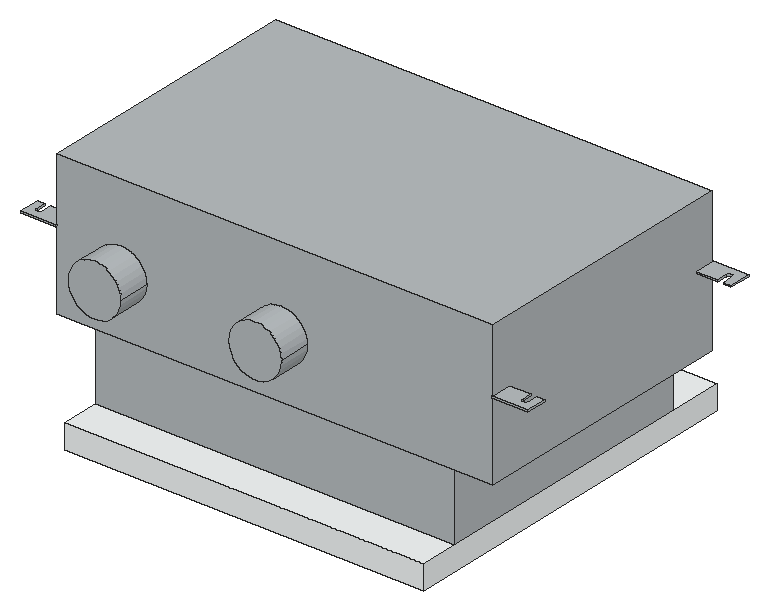
Revit family "lgh-n15_50cx2(d)_cs2(d)_60Hz", category 機械設備, Revit 2019
Family settings
  丸型コネクタ寸法 = 直径を使用
  パーツ タイプ = 標準
  OmniClass 番号 = 23.75.10.34.21
  OmniClass タイトル = Heat Exchangers for Ventilation Air
  作業面ベース = いいえ
  常に垂直 = はい
  ロード時にボイドで切り取り = いいえ
  共有 = いいえ
  部屋計算ポイント = はい
Parameters (values of type "LGH-N15CS2")
  騒音レベル(dB(A)) = 29
  風量 = 150.0 m³/h
  面風速 = 5.31 m/s
  電源種別 [instance] = "一般"
  電圧 = 100 V
  電動機出力 = 0 W
  集中コントローラ = ""
  運転質量 = 0.00 kg
  連動 [instance] = ""
  質量 = if(製品質量 > 運転質量, 製品質量, 運転質量) * 1.2  # 21.60 kg
  負荷分類 = 3_ファン類
  説明 = "業務用ロスナイ 天井カセット形"
  設計風量 = 0.0 m³/h
  設置方法 = "カセット形"
  記号 [instance] = ""
  製造元 = "MITSIBISHI ELECTRIC"
  製品質量 = 18.00 kg
  製品出荷対象 = "国内"
  製品リリース年月 = "2019/7/1"
  製品グループ = ""
  系統 [instance] = ""
  符号 = "HEU"
  積算_科目 = "1 空気調和設備"
  積算_拾い区分 [instance] = ""
  相 = 1
  盤記号 [instance] = ""
  発停方法 [instance] = "別売リモコン"
  特殊仕様 [instance] = ""
  火災停止 [instance] = ""
  温度交換効率 = 73.00%
  消費電力 = 80 W
  法定耐用年数 = "15"
  機外静圧_排気 = 80.0 Pa
  機外静圧 = 80.0 Pa
  構成部品 = "インテリアパネル"
  極数 = 1
  材質 [instance] = ""
  本体マテリアル = 溶融亜鉛めっき鋼板
  操作・制御方式 = ""
  操作・制御スイッチ = ""
  排気量 = 0.0 m³/h
  形式 = "カセット形"
  幹線記号 [instance] = ""
  対象室 [instance] = ""
  実風量 = 0.0 m³/h
  始動方式 [instance] = "直入"
  天吊金具ピッチ2 = 475 mm
  天吊金具ピッチ1 = 908 mm
  天吊金具_高さ = 118 mm
  天吊金具_径 = 5.5 mm
  天吊金具_幅 = 20 mm
  外気量 = 0.0 m³/h
  呼称 = "全熱交換ユニット"
  周波数 = 60 Hz
  参照している仕様書等のバージョン = ""
  初期抵抗 = 0.0 Pa
  分類コード = "50052504100080"
  分類グループ = ""
  価格 = 124000
  企業コード = "108420"
  付属品_フィルター_還気 = ""
  付属品_フィルター = ""
  付属品 [instance] = ""
  仕様書バージョン = "Version1.0"
  モデル = "LGH-N15CS2"
  パネルマテリアル = 樹脂成形
  ドレン管径 = 20 mm
  コメント [instance] = ""
  Keynote = ""
  エンタルピ交換効率_暖房 = 70.00%
  エンタルピ交換効率_冷房 = 64.00%
  SMAX風量 = 0.0 m³/h
  SMAX静圧 = 0.0 Pa
  Panel_Width = 670 mm
  Panel_Height = 45 mm
  Panel_Depth = 685 mm
  高さ調整可能範囲 = 125 mm
  Assembly Code = ""
  Width = 814 mm
  Version = ""
  Uniclass2015Version = "Systems v1.9"
  Uniclass2015Title = "Thermal wheels"
  Uniclass2015Code = "Pr_60_60_36_88"
  URL = "https://www.mitsubishielectric.co.jp/ldg/wink/ssl/displayProduct.do?pid=300755"
  SpecificationReference = ""
  SpecificationDescription = ""
  Revision = ""
  ProductInformation = ""
  Panel_D = 103 mm
  OmniClassCode = "23-27 23 19 11"
  OAサイズ_W = 0 mm
  OAサイズ_D = 97.5 mm
  MIN風量 = 50.0 m³/h
  MIN静圧 = 9.0 Pa
  MID風量 = 75.0 m³/h
  MID静圧 = 20.0 Pa
  MAX風量 = 150.0 m³/h
  MAX静圧 = 80.0 Pa
  IfcTypeProduct = ""
  IfcProduct = ""
  IfcExportType = "ROTARYWHEEL"
  IfcExportAs = "IfcAirToAirHeatRecoveryType"
  Height = 268 mm
  EAサイズ_W = 0 mm
  EAサイズ_D = 97.5 mm
  Duct_W = 396 mm
  Duct_Pitch = 300 mm
  Duct_Height_OA = 156 mm
  Duct_Height_EA = 160 mm
  Duct_Depth = 60 mm
  Depth = 510 mm
  Author = "MITSUBISHI ELECTRIC"
Types (16, lengths in mm): name | 騒音レベル(dB(A)) | 風量 | 面風速 | 電圧 | 質量 | 製品質量 | 温度交換効率 | 消費電力 | 機外静圧_排気 | 機外静圧 | 天吊金具ピッチ2 | 天吊金具ピッチ1 | 天吊金具_高さ | 価格 | モデル | エンタルピ交換効率_暖房 | エンタルピ交換効率_冷房 | SMAX風量 | SMAX静圧 | Panel_Width | Panel_Depth | Width | URL | Panel_D | OAサイズ_D | MIN風量 | MIN静圧 | MID風量 | MID静圧 | MAX風量 | MAX静圧 | Height | EAサイズ_D | Duct_W | Duct_Pitch | Duct_Height_OA | Duct_Depth | Depth
  LGH-N15CX2 | 29 | 150.0 m³/h | 5.31 m/s | 100 V | 21.60 kg | 18.00 kg | 73.00% | 80 W | 80.0 Pa | 80.0 Pa | 475 | 908 | 118 | 169000 | "LGH-N15CX2" | 70.00% | 64.00% | 0.0 m³/h | 0.0 Pa | 670 | 685 | 814 | "https://www.mitsubishielectric.co.jp/ldg/wink/ssl/displayProduct.do?pid=300757" | 103 | 97.5 | 50.0 m³/h | 9.0 Pa | 75.0 m³/h | 20.0 Pa | 150.0 m³/h | 80.0 Pa | 268 | 97.5 | 396 | 300 | 156 | 60 | 510
  LGH-N15CX2D | 29 | 150.0 m³/h | 5.31 m/s | 200 V | 21.60 kg | 18.00 kg | 73.00% | 80 W | 80.0 Pa | 80.0 Pa | 475 | 908 | 118 | 169000 | "LGH-N15CX2D" | 70.00% | 64.00% | 0.0 m³/h | 0.0 Pa | 670 | 685 | 814 | "https://www.mitsubishielectric.co.jp/ldg/wink/ssl/displayProduct.do?pid=300758" | 103 | 97.5 | 45.0 m³/h | 7.0 Pa | 90.0 m³/h | 29.0 Pa | 150.0 m³/h | 80.0 Pa | 268 | 97.5 | 396 | 300 | 156 | 60 | 510
  LGH-N15CS2 | 29 | 150.0 m³/h | 5.31 m/s | 100 V | 21.60 kg | 18.00 kg | 73.00% | 80 W | 80.0 Pa | 80.0 Pa | 475 | 908 | 118 | 124000 | "LGH-N15CS2" | 70.00% | 64.00% | 0.0 m³/h | 0.0 Pa | 670 | 685 | 814 | "https://www.mitsubishielectric.co.jp/ldg/wink/ssl/displayProduct.do?pid=300755" | 103 | 97.5 | 50.0 m³/h | 9.0 Pa | 75.0 m³/h | 20.0 Pa | 150.0 m³/h | 80.0 Pa | 268 | 97.5 | 396 | 300 | 156 | 60 | 510
  LGH-N15CS2D | 29 | 150.0 m³/h | 5.31 m/s | 200 V | 21.60 kg | 18.00 kg | 73.00% | 80 W | 80.0 Pa | 80.0 Pa | 475 | 908 | 118 | 124000 | "LGH-N15CS2D" | 70.00% | 64.00% | 0.0 m³/h | 0.0 Pa | 670 | 685 | 814 | "https://www.mitsubishielectric.co.jp/ldg/wink/ssl/displayProduct.do?pid=300756" | 103 | 97.5 | 45.0 m³/h | 7.0 Pa | 90.0 m³/h | 29.0 Pa | 150.0 m³/h | 80.0 Pa | 268 | 97.5 | 396 | 300 | 156 | 60 | 510
  LGH-N25CX2 | 32 | 250.0 m³/h | 3.93 m/s | 100 V | 21.60 kg | 18.00 kg | 70.50% | 128 W | 80.0 Pa | 80.0 Pa | 475 | 908 | 118 | 189000 | "LGH-N25CX2" | 69.00% | 61.50% | 0.0 m³/h | 0.0 Pa | 670 | 685 | 814 | "https://www.mitsubishielectric.co.jp/ldg/wink/ssl/displayProduct.do?pid=300761" | 103 | 142 | 100.0 m³/h | 13.0 Pa | 125.0 m³/h | 20.0 Pa | 250.0 m³/h | 80.0 Pa | 268 | 142 | 396 | 300 | 156 | 70 | 510
  LGH-N25CX2D | 32 | 250.0 m³/h | 3.93 m/s | 200 V | 21.60 kg | 18.00 kg | 70.50% | 127 W | 80.0 Pa | 80.0 Pa | 475 | 908 | 118 | 189000 | "LGH-N25CX2D" | 69.00% | 61.50% | 0.0 m³/h | 0.0 Pa | 670 | 685 | 814 | "https://www.mitsubishielectric.co.jp/ldg/wink/ssl/displayProduct.do?pid=300762" | 103 | 142 | 90.0 m³/h | 10.0 Pa | 120.0 m³/h | 18.0 Pa | 250.0 m³/h | 80.0 Pa | 268 | 142 | 396 | 300 | 156 | 70 | 510
  LGH-N25CS2 | 32 | 250.0 m³/h | 3.93 m/s | 100 V | 21.60 kg | 18.00 kg | 70.50% | 128 W | 80.0 Pa | 80.0 Pa | 475 | 908 | 118 | 158000 | "LGH-N25CS2" | 69.00% | 61.50% | 0.0 m³/h | 0.0 Pa | 670 | 685 | 814 | "https://www.mitsubishielectric.co.jp/ldg/wink/ssl/displayProduct.do?pid=300759" | 103 | 142 | 100.0 m³/h | 13.0 Pa | 125.0 m³/h | 20.0 Pa | 250.0 m³/h | 80.0 Pa | 268 | 142 | 396 | 300 | 156 | 70 | 510
  LGH-N25CS2D | 32 | 250.0 m³/h | 3.93 m/s | 200 V | 21.60 kg | 18.00 kg | 70.50% | 127 W | 80.0 Pa | 80.0 Pa | 475 | 908 | 118 | 158000 | "LGH-N25CS2D" | 69.00% | 61.50% | 0.0 m³/h | 0.0 Pa | 670 | 685 | 814 | "https://www.mitsubishielectric.co.jp/ldg/wink/ssl/displayProduct.do?pid=300760" | 103 | 142 | 90.0 m³/h | 10.0 Pa | 120.0 m³/h | 18.0 Pa | 250.0 m³/h | 80.0 Pa | 268 | 142 | 396 | 300 | 156 | 70 | 510
  LGH-N35CX2 | 33 | 350.0 m³/h | 5.5 m/s | 100 V | 38.40 kg | 32.00 kg | 73.50% | 185 W | 105.0 Pa | 105.0 Pa | 540 | 1294 | 168 | 199000 | "LGH-N35CX2" | 71.00% | 64.50% | 350.0 m³/h | 105.0 Pa | 770 | 770 | 1202 | "https://www.mitsubishielectric.co.jp/ldg/wink/ssl/displayProduct.do?pid=300765" | 107 | 142 | 130.0 m³/h | 1.0 Pa | 200.0 m³/h | 2.0 Pa | 350.0 m³/h | 5.0 Pa | 330 | 142 | 611 | 450 | 185 | 70 | 577
  LGH-N35CX2D | 33 | 350.0 m³/h | 5.5 m/s | 200 V | 38.40 kg | 32.00 kg | 73.50% | 185 W | 105.0 Pa | 105.0 Pa | 540 | 1294 | 168 | 199000 | "LGH-N35CX2D" | 71.00% | 64.50% | 350.0 m³/h | 105.0 Pa | 770 | 770 | 1202 | "https://www.mitsubishielectric.co.jp/ldg/wink/ssl/displayProduct.do?pid=300766" | 107 | 142 | 130.0 m³/h | 1.0 Pa | 215.0 m³/h | 2.0 Pa | 350.0 m³/h | 5.0 Pa | 330 | 142 | 611 | 450 | 185 | 70 | 577
  LGH-N35CS2 | 33 | 350.0 m³/h | 5.5 m/s | 100 V | 38.40 kg | 32.00 kg | 73.50% | 185 W | 105.0 Pa | 105.0 Pa | 540 | 1294 | 168 | 176000 | "LGH-N35CS2" | 71.00% | 64.50% | 350.0 m³/h | 105.0 Pa | 770 | 770 | 1202 | "https://www.mitsubishielectric.co.jp/ldg/wink/ssl/displayProduct.do?pid=300763" | 107 | 142 | 130.0 m³/h | 1.0 Pa | 200.0 m³/h | 2.0 Pa | 350.0 m³/h | 5.0 Pa | 330 | 142 | 611 | 450 | 185 | 70 | 577
  LGH-N35CS2D | 33 | 350.0 m³/h | 5.5 m/s | 200 V | 38.40 kg | 32.00 kg | 73.50% | 185 W | 105.0 Pa | 105.0 Pa | 540 | 1294 | 168 | 176000 | "LGH-N35CS2D" | 71.00% | 64.50% | 350.0 m³/h | 105.0 Pa | 770 | 770 | 1202 | "https://www.mitsubishielectric.co.jp/ldg/wink/ssl/displayProduct.do?pid=300764" | 107 | 142 | 130.0 m³/h | 1.0 Pa | 215.0 m³/h | 2.0 Pa | 350.0 m³/h | 5.0 Pa | 330 | 142 | 611 | 450 | 185 | 70 | 577
  LGH-N50CX2 | 36 | 500.0 m³/h | 4.42 m/s | 100 V | 39.60 kg | 33.00 kg | 69.00% | 249 W | 110.0 Pa | 110.0 Pa | 540 | 1294 | 168 | 247000 | "LGH-N50CX2" | 67.00% | 60.50% | 500.0 m³/h | 110.0 Pa | 770 | 770 | 1202 | "https://www.mitsubishielectric.co.jp/ldg/wink/ssl/displayProduct.do?pid=300769" | 107 | 192 | 190.0 m³/h | 1.0 Pa | 310.0 m³/h | 4.0 Pa | 500.0 m³/h | 10.0 Pa | 330 | 192 | 461 | 600 | 185 | 86 | 577
  LGH-N50CX2D | 36 | 500.0 m³/h | 4.42 m/s | 200 V | 39.60 kg | 33.00 kg | 69.00% | 268 W | 110.0 Pa | 110.0 Pa | 540 | 1294 | 168 | 247000 | "LGH-N50CX2D" | 67.00% | 60.50% | 500.0 m³/h | 110.0 Pa | 770 | 770 | 1202 | "https://www.mitsubishielectric.co.jp/ldg/wink/ssl/displayProduct.do?pid=300770" | 107 | 192 | 190.0 m³/h | 1.0 Pa | 330.0 m³/h | 4.0 Pa | 500.0 m³/h | 10.0 Pa | 330 | 192 | 461 | 600 | 185 | 86 | 577
  LGH-N50CS2 | 36 | 500.0 m³/h | 4.42 m/s | 100 V | 39.60 kg | 33.00 kg | 69.00% | 249 W | 110.0 Pa | 110.0 Pa | 540 | 1294 | 168 | 220000 | "LGH-N50CS2" | 67.00% | 60.50% | 500.0 m³/h | 110.0 Pa | 770 | 770 | 1202 | "https://www.mitsubishielectric.co.jp/ldg/wink/ssl/displayProduct.do?pid=300767" | 107 | 192 | 190.0 m³/h | 1.0 Pa | 310.0 m³/h | 4.0 Pa | 500.0 m³/h | 10.0 Pa | 330 | 192 | 461 | 600 | 185 | 86 | 577
  LGH-N50CS2D | 36 | 500.0 m³/h | 4.42 m/s | 200 V | 39.60 kg | 33.00 kg | 69.00% | 268 W | 110.0 Pa | 110.0 Pa | 540 | 1294 | 168 | 220000 | "LGH-N50CS2D" | 67.00% | 60.50% | 500.0 m³/h | 110.0 Pa | 770 | 770 | 1202 | "https://www.mitsubishielectric.co.jp/ldg/wink/ssl/displayProduct.do?pid=300768" | 107 | 192 | 190.0 m³/h | 1.0 Pa | 330.0 m³/h | 4.0 Pa | 500.0 m³/h | 10.0 Pa | 330 | 192 | 461 | 600 | 185 | 86 | 577
Reference planes
  plane 1 "中心(正面/背面)": y = 0
  plane 2: z = 0
  plane 3 "中心(左/右)": x = 0
  plane 4 "左": x = -407
  plane 5 "右": x = 407
  plane 6 "背面": y = 255
  plane 7 "正面": y = -255
  plane 8: z = 393
  plane 9: z = 125
  plane 10 "下": z = -45
  plane 11: x = -335
  plane 12: x = 335
  plane 13: y = 358
  plane 14: y = -327
  plane 15: z = 237
  plane 16: x = 11
  plane 17: x = -289
  plane 18: y = -315
  plane 19: x = 429.5
  plane 20: z = 233
  plane 21: x = -454
  plane 22: x = 454
  plane 23: y = 237.5
  plane 24: y = -237.5
  plane 25: x = -474
  plane 26: x = 474
  plane 27: y = -217.5
  plane 28: y = -257.5
  plane 29: y = 217.5
  plane 30: y = 257.5
  plane 31: z = 275
  plane 32: z = 272
Forms (mm)
  Extrusion 1, solid, material "樹脂成形" <- "パネルマテリアル"
    sketch origin (0, 0, 4000) x (0, 1, 0) y (-1, 0, 0)
      loop
        line (-327, 335) -> (-327, -335) -> (358, -335) -> (358, 335) -> (-327, 335)
    from -4000 to -4045
  Extrusion 2, solid, material "溶融亜鉛めっき鋼板" <- "本体マテリアル"
    sketch origin (0, 0, 4000) x (0, 1, 0) y (-1, 0, 0)
      loop
        line (-255, 335) -> (-255, -335) -> (255, -335) -> (255, 335) -> (-255, 335)
    from -4000 to -3875
  Extrusion 3, solid, material "溶融亜鉛めっき鋼板" <- "本体マテリアル"
    sketch origin (0, 0, 4000) x (0, 1, 0) y (-1, 0, 0)
      loop
        line (-255, 407) -> (-255, -407) -> (255, -407) -> (255, 407) -> (-255, 407)
    from -3875 to -3607
  Extrusion 4, solid, material "溶融亜鉛めっき鋼板" <- "本体マテリアル"
    sketch origin (0, 0, 0) x (1, 0, 0) y (0, 0, 1)
      loop
        circle (11, 237) r 48.75
    from 255 to 315
  Extrusion 5, solid, material "溶融亜鉛めっき鋼板" <- "本体マテリアル"
    sketch origin (0, 0, 0) x (1, 0, 0) y (0, 0, 1)
      loop
        circle (-289, 233) r 48.75
    from 255 to 315
  Extrusion 6, solid, material "溶融亜鉛めっき鋼板" <- "本体マテリアル"
    sketch origin (0, 0, 0) x (1, 0, 0) y (0, 1, 0)
      loop
        line (-474, -257.5) -> (-407, -257.5) -> (-407, -217.5) -> (-448.5, -217.5) -> (-448.5, -237.5)
        arc (-448.5, -237.5) -> (-454, -243) -> (-459.5, -237.5) r 5.5
        line (-459.5, -237.5) -> (-459.5, -217.5) -> (-474, -217.5) -> (-474, -257.5)
    from 272 to 275
  Extrusion 7, solid, material "溶融亜鉛めっき鋼板" <- "本体マテリアル"
    sketch origin (0, 0, 0) x (-1, 0, 0) y (0, -1, 0)
      loop
        line (-474, 257.5) -> (-474, 217.5) -> (-459.5, 217.5) -> (-459.5, 237.5)
        arc (-459.5, 237.5) -> (-454, 243) -> (-448.5, 237.5) r 5.5
        line (-448.5, 237.5) -> (-448.5, 217.5) -> (-407, 217.5) -> (-407, 257.5) -> (-474, 257.5)
    from 272 to 275
  Extrusion 8, solid, material "溶融亜鉛めっき鋼板" <- "本体マテリアル"
    sketch origin (0, 0, 0) x (1, 0, 0) y (0, 1, 0)
      loop
        line (-474, 257.5) -> (-474, 217.5) -> (-459.5, 217.5) -> (-459.5, 237.5)
        arc (-459.5, 237.5) -> (-454, 243) -> (-448.5, 237.5) r 5.5
        line (-448.5, 237.5) -> (-448.5, 217.5) -> (-407, 217.5) -> (-407, 257.5) -> (-474, 257.5)
    from 272 to 275
  Extrusion 9, solid, material "溶融亜鉛めっき鋼板" <- "本体マテリアル"
    sketch origin (0, 0, 0) x (-1, 0, 0) y (0, -1, 0)
      loop
        line (-474, -257.5) -> (-407, -257.5) -> (-407, -217.5) -> (-448.5, -217.5) -> (-448.5, -237.5)
        arc (-448.5, -237.5) -> (-454, -243) -> (-459.5, -237.5) r 5.5
        line (-459.5, -237.5) -> (-459.5, -217.5) -> (-474, -217.5) -> (-474, -257.5)
    from 272 to 275
Lines and regions (mm)
  Masking region 1, detail levels coarse+medium
    outline origin (0, 0, 0) x (1, 0, 0) y (0, 1, 0)
      loop
        line (-407, 255) -> (-407, -255) -> (407, -255) -> (407, 255) -> (-407, 255)
  symbolic lines, detail levels coarse+medium
    curve 1: line (0, 255, 0) -> (-407, 0, 0)
    curve 2: line (-407, 0, 0) -> (0, -255, 0)
    curve 3: line (0, -255, 0) -> (407, 0, 0)
    curve 4: line (407, 0, 0) -> (0, 255, 0)
Dimensions and locks
  "Depth": plane 7 "正面" to plane 6 "背面"
  "Width": plane 4 "左" to plane 5 "右"
  "Height": plane 8 to plane 9
  "高さ調整可能範囲": plane 9 to plane 2
  "Panel_Width": plane 11 to plane 12
  "Panel_Depth": plane 13 to plane 14
  "Panel_Height": plane 2 to plane 10 "下"
  equal spacing: plane 11, plane 3 "中心(左/右)", plane 12
  "Panel_D": plane 6 "背面" to plane 13
  equal spacing: plane 7 "正面", plane 1 "中心(正面/背面)", plane 6 "背面"
  "Duct_Pitch": plane 16 to plane 17
  "Duct_Height_OA": plane 8 to plane 15
  "Duct_Height_EA": plane 8 to plane 20
  equal spacing: plane 4 "左", plane 3 "中心(左/右)", plane 5 "右"
  "Duct_W": plane 5 "右" to plane 16
  "Duct_Depth": plane 18 to plane 7 "正面"
  equal spacing: plane 21, plane 3 "中心(左/右)", plane 22
  "天吊金具ピッチ1": plane 21 to plane 22
  equal spacing: plane 24, plane 1 "中心(正面/背面)", plane 23
  "天吊金具ピッチ2": plane 24 to plane 23
  locked: plane 25 to plane 21 at 20
  locked: plane 22 to plane 26 at 20
  equal spacing: plane 27, plane 24, plane 28
  "天吊金具_幅": plane 27 to plane 24
  equal spacing: plane 29, plane 23, plane 30
  "天吊金具_幅": plane 29 to plane 23
  "天吊金具_径": plane 21 to Extrusion 6 sketch curve
  "天吊金具_径": plane 22 to Extrusion 7 sketch curve
  "天吊金具_径": plane 21 to Extrusion 8 sketch curve
  "天吊金具_径": plane 22 to Extrusion 9 sketch curve
  "天吊金具_高さ": plane 8 to plane 31
  locked: plane 31 to plane 32 at 3
  "OAサイズ_D": diameter of Extrusion 4 sketch curve
  "EAサイズ_D": diameter of Extrusion 5 sketch curve
  "天吊金具_径": radius of Extrusion 6 sketch curve
  "天吊金具_径": radius of Extrusion 7 sketch curve
  "天吊金具_径": radius of Extrusion 8 sketch curve
  "天吊金具_径": radius of Extrusion 9 sketch curve
  aligned and locked: level to plane 2
  aligned and locked: Extrusion 2 to level
  aligned and locked: plane 9 to Extrusion 2
  aligned and locked: Extrusion 3 to plane 9
  aligned and locked: plane 8 to Extrusion 3
  aligned and locked: plane 11 to Extrusion 1
  aligned and locked: plane 12 to Extrusion 1
  aligned and locked: Extrusion 3 to plane 4 "左"
  aligned and locked: plane 5 "右" to Extrusion 3
  aligned and locked: plane 13 to Extrusion 1
  aligned and locked: plane 14 to Extrusion 1
  aligned and locked: plane 6 "背面" to Extrusion 3
  aligned and locked: Extrusion 1 to plane 10 "下"
  aligned and locked: plane 16 to Extrusion 4 sketch curve
  aligned and locked: plane 18 to Extrusion 4
  aligned and locked: Extrusion 4 to plane 7 "正面"
  aligned and locked: Masking region 1 to curve 2
  aligned and locked: Extrusion 5 to plane 7 "正面"
  aligned and locked: Extrusion 5 to Extrusion 4
  aligned and locked: Extrusion 2 to plane 6 "背面"
  aligned and locked: plane 5 "右" to curve 4
  aligned and locked: plane 1 "中心(正面/背面)" to curve 1
  aligned and locked: nested 1 to plane 22
  aligned and locked: plane 21 to nested 1
  aligned and locked: plane 23 to nested 1
  aligned and locked: plane 24 to nested 1
  aligned and locked: plane 25 to Extrusion 6 sketch curve
  aligned and locked: Extrusion 6 sketch curve to plane 28
  aligned and locked: Extrusion 6 sketch curve to plane 4 "左"
  aligned and locked: plane 24 to Extrusion 6 sketch curve
  aligned and locked: plane 27 to Extrusion 6 sketch curve
  aligned and locked: Extrusion 6 sketch curve to plane 27
  aligned and locked: Extrusion 7 sketch curve to plane 26
  aligned and locked: plane 28 to Extrusion 7 sketch curve
  aligned and locked: Extrusion 7 sketch curve to plane 5 "右"
  aligned and locked: plane 27 to Extrusion 7 sketch curve
  aligned and locked: Extrusion 7 sketch curve to plane 27
  aligned and locked: plane 4 "左" to Extrusion 8 sketch curve
  aligned and locked: plane 30 to Extrusion 8 sketch curve
  aligned and locked: Extrusion 8 sketch curve to plane 25
  aligned and locked: Extrusion 8 sketch curve to plane 29
  aligned and locked: plane 29 to Extrusion 8 sketch curve
  aligned and locked: plane 26 to Extrusion 9 sketch curve
  aligned and locked: Extrusion 9 sketch curve to plane 30
  aligned and locked: Extrusion 9 sketch curve to plane 29
  aligned and locked: plane 29 to Extrusion 9 sketch curve
  aligned and locked: plane 5 "右" to Extrusion 9 sketch curve
  aligned and locked: plane 31 to Extrusion 7
  aligned and locked: plane 32 to Extrusion 7
  aligned and locked: Extrusion 7 to Extrusion 6
  aligned and locked: plane 32 to Extrusion 6
  aligned and locked: plane 31 to Extrusion 8
  aligned and locked: plane 32 to Extrusion 8
  aligned and locked: plane 31 to Extrusion 9
  aligned and locked: plane 32 to Extrusion 9
  aligned and locked: plane 7 "正面" to Extrusion 2
  aligned and locked: Extrusion 2 to plane 11
  aligned and locked: Extrusion 2 to plane 12
Automatic sketch dimensions
  curve 2 to plane 3 "中心(左/右)" = 0 mm
  curve 4 to plane 3 "中心(左/右)" = 0 mm
  plane 7 "正面" to curve 2 = 0 mm
  plane 1 "中心(正面/背面)" to curve 3 = 0 mm
  plane 6 "背面" to curve 4 = 0 mm
  Masking region 1 sketch curve to plane 4 "左" = 0 mm
  Masking region 1 sketch curve to plane 5 "右" = 0 mm
  plane 7 "正面" to Masking region 1 sketch curve = 0 mm
  plane 6 "背面" to Masking region 1 sketch curve = 0 mm
  Extrusion 1 sketch curve to plane 12 = 0 mm
  Extrusion 1 sketch curve to plane 14 = 0 mm
  Extrusion 1 sketch curve to plane 11 = 0 mm
  plane 13 to Extrusion 1 sketch curve = 0 mm
  Extrusion 2 sketch curve to plane 5 "右" = 72 mm
  plane 14 to Extrusion 2 sketch curve = 72 mm
  plane 4 "左" to Extrusion 2 sketch curve = 72 mm
  plane 6 "背面" to Extrusion 2 sketch curve = 0 mm
  Extrusion 3 sketch curve to plane 5 "右" = 0 mm
  plane 7 "正面" to Extrusion 3 sketch curve = 0 mm
  Extrusion 3 sketch curve to plane 4 "左" = 0 mm
  plane 6 "背面" to Extrusion 3 sketch curve = 0 mm
  Extrusion 4 sketch curve to plane 15 = 0 mm
  Extrusion 5 sketch curve to plane 17 = 0 mm
  Extrusion 5 sketch curve to plane 20 = 0 mm
  plane 24 to Extrusion 7 sketch curve = 0 mm
  Extrusion 8 sketch curve to plane 23 = 0 mm
  Extrusion 9 sketch curve to plane 23 = 0 mm
Nested families
  nested 1: "固定点" at (-454, -237.5, 0), type "固定点"
    with W 908 mm, D 475 mm
Connectors
  hvac at (11, -315, 237), driven by "OAサイズ_D", driven by "機外静圧", driven by "風量"
    settings: on Extrusion 4, index 4, duct flow 150.0 m³/h, flow factor 0, pres drop 80.0 Pa, loss coef 0, conn angle 0.00°, conn width 304.8 mm, conn height 304.8 mm, conn diameter 97.5 mm, duct sys type 4, conn prof type 0, flow config 0, flow direction 1, loss method 4, conn ref index -1, conn util no, is conn primary no, conn desc ""
  hvac at (-289, -315, 233), driven by "EAサイズ_D", driven by "機外静圧_排気", driven by "排気量"
    settings: on Extrusion 5, index 6, duct flow 0.0 m³/h, flow factor 0, pres drop 80.0 Pa, loss coef 0, conn angle 0.00°, conn width 304.8 mm, conn height 304.8 mm, conn diameter 97.5 mm, duct sys type 3, conn prof type 0, flow config 0, flow direction 2, loss method 4, conn ref index -1, conn util no, is conn primary yes, conn desc ""
  electrical at (0, 255, 259), driven by "負荷分類", driven by "極数", driven by "電圧", driven by "消費電力"
    settings: on Extrusion 3, index 7, voltage 100 V, apparent load 80 VA, apparent load phase1 0 VA, apparent load phase2 0 VA, apparent load phase3 0 VA, power factor 1, load classification "3_ファン類", number of poles 1, system type 30, power factor state 1, is connector primary yes, connector utility no, sub classification motor no, connector description ""
Definition of nested family "固定点"
  Parameters (values of type "固定点")
    中心円 = 20 mm
    W [instance] = 1000 mm
    D [instance] = 1000 mm
  Reference planes
    plane 1 "中心(正面/背面)": y = 0
    plane 2: z = 0
    plane 3 "中心(左/右)": x = 0
    plane 4: x = 1000
    plane 5: y = 1000
  Lines and regions (mm)
    symbolic lines, detail levels fine
      curve 1: circle (0, 1000, 0) r 10 normal (0, 0, 1)
      curve 2: circle (0, 0, 0) r 10 normal (0, 0, 1)
      curve 3: circle (1000, 1000, 0) r 10 normal (0, 0, 1)
      curve 4: circle (1000, 0, 0) r 10 normal (0, 0, 1)
      curve 5: line (-200, 1000, 0) -> (1200, 1000, 0)
      curve 6: line (-200, 0, 0) -> (1200, 0, 0)
      curve 7: line (0, 1200, 0) -> (0, -200, 0)
      curve 8: line (1000, 1200, 0) -> (1000, -200, 0)
  Dimensions and locks
    "W": plane 3 "中心(左/右)" to plane 4
    "D": plane 1 "中心(正面/背面)" to plane 5
    "中心円": diameter of curve 1
    "中心円": diameter of curve 2
    "中心円": diameter of curve 3
    "中心円": diameter of curve 4
    aligned and locked: level to plane 2
    aligned and locked: plane 5 to curve 1
    aligned and locked: plane 3 "中心(左/右)" to curve 1
    aligned and locked: plane 3 "中心(左/右)" to curve 2
    aligned and locked: plane 1 "中心(正面/背面)" to curve 2
    aligned and locked: plane 4 to curve 3
    aligned and locked: plane 5 to curve 3
    aligned and locked: plane 1 "中心(正面/背面)" to curve 4
    aligned and locked: plane 4 to curve 4
    aligned and locked: plane 1 "中心(正面/背面)" to curve 6
    aligned and locked: curve 7 to plane 3 "中心(左/右)"
    aligned and locked: curve 8 to plane 4
  Automatic sketch dimensions
    curve 5 to plane 5 = 0 mm
    curve 6 to plane 3 "中心(左/右)" = 200 mm
    curve 5 to plane 3 "中心(左/右)" = 200 mm
    curve 4 to curve 6 = 200 mm
    curve 3 to curve 5 = 200 mm
    plane 1 "中心(正面/背面)" to curve 8 = 200 mm
    plane 1 "中心(正面/背面)" to curve 7 = 200 mm
    curve 3 to curve 8 = 200 mm
    curve 1 to curve 7 = 200 mm
